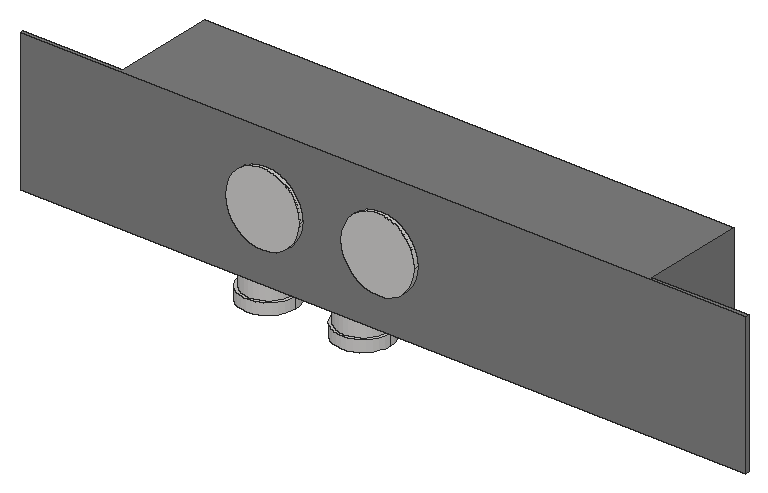
Revit family "5200V", category Generic Models, Revit 2021
Family settings
  Can host rebar = No
  Round Connector Dimension = Use Diameter
  Part Type = Normal
  Work Plane-Based = No
  Always vertical = Yes
  Cut with Voids When Loaded = No
  Shared = No
  Room Calculation Point = No
Parameters
  e-mail = "info@vola.com"
  URL = "http://vola.com"
  Telephone = "+45 7023 5500"
  Quality management standard = "ISO 9001"
  Organisation no. / DUNS no. = "17531328"
  Occupational health and safety management standard = "ISO 18001"
  Mounting Instructions = "http://vola.com/service/producturl.ashx?name=5200V"
  Model = "5200V"
  Materials and components information = "http://vola.com/service/producturl.ashx?name=5200V"
  Manufacturer = "VOLA A/S"
  Maintenance Instructions = "http://vola.com/service/producturl.ashx?name=5200V"
  Guarantee = "2 years"
  Flow = "45,00 l/min"
  Environmental management standard = "ISO 14000"
  Default Elevation = 0.00 mm
  Connection - All relevant connections = ""
  Approvals = "http://vola.com/service/producturl.ashx?name=5200V"
Reference planes
  plane 1 "Center (Front/Back)": y = 0
  plane 2: z = 0
  plane 3 "Center (Left/Right)": x = 0
  plane 4 "Inlet Center Plane": y = -29
  plane 5: z = 85
Forms (mm)
  Extrusion 1, solid, material "Default"
    sketch origin (10, 0, 16) x (1, 0, 0) y (0, 1, 0)
      loop
        line (-147.5, 0) -> (-147.5, -69) -> (210.5, -69) -> (210.5, 0) -> (-147.5, 0)
    from 21.5 to 116.5
  Extrusion 2, solid, material "Default"
    sketch origin (10, -1, 16) x (1, 0, 0) y (0, 1, 0)
      loop
        line (-215, -68) -> (-215, -70.5) -> (275.5, -70.5) -> (275.5, -68) -> (-215, -68)
    from 21.5 to 116.5
  Extrusion 3, solid, material "Stainless Steel"
    sketch origin (-59, -4, 37.5) x (0, 1, 0) y (1, 0, 0)
      loop
        circle (-25, -12) r 16.5
    from 0 to 29.77
  Extrusion 4, solid, material "Stainless Steel"
    sketch origin (5, -4, 37.5) x (0, 1, 0) y (1, 0, 0)
      loop
        circle (-25, -12) r 16.5
    from 0 to 29.77
  Extrusion 5, solid, material "Stainless Steel"
    sketch origin (-51.5, -71.5, 16) x (-1, 0, 0) y (0, 0, -1)
      loop
        circle (-12.5, -69) r 24.89
    from 0 to 2.5
  Extrusion 6, solid, material "Stainless Steel"
    sketch origin (26.5, -71.5, 16) x (-1, 0, 0) y (0, 0, -1)
      loop
        circle (-12.5, -69) r 24.89
    from 0 to 2.5
  Extrusion 7, solid, material "Stainless Steel"
    sketch origin (-59, -4, 7.73) x (-1, 0, 0) y (0, 1, 0)
      loop
        circle (12, -25) r 18.5
    from 0 to 7.73
  Extrusion 8, solid, material "Stainless Steel"
    sketch origin (5, -4, 7.73) x (-1, 0, 0) y (0, 1, 0)
      loop
        circle (12, -25) r 18.5
    from 0 to 7.73
Cuts and joins
  joined: Extrusion 1, Extrusion 2
Lines and regions (mm)
  reference lines
    curve 1: line (39, -29, 85) -> (39, -121.5, 85)
    curve 2: line (-39, -29, 85) -> (-39, -121.5, 85)
    curve 3: line (-71, -29, 85) -> (-71, -29, -14)
    curve 4: line (-7, -29, 85) -> (-7, -29, -14)
Dimensions and locks
  aligned and locked: plane 2 to level
  aligned and locked: Extrusion 1 to Extrusion 2
  aligned and locked: Extrusion 2 to Extrusion 1
